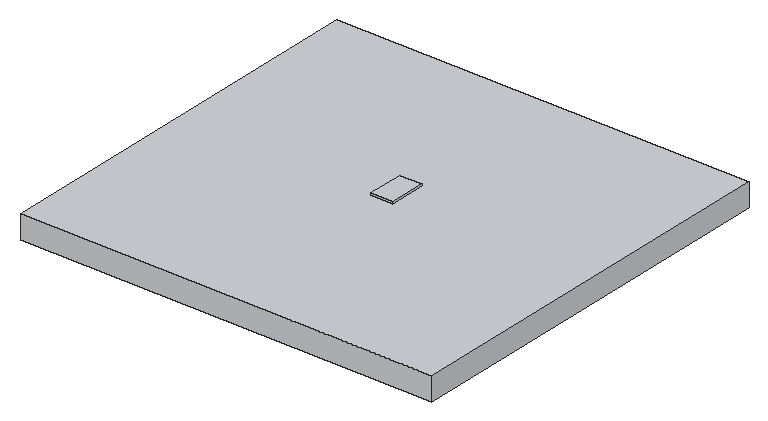
Revit family "5d3b1db118044135bba94e76112b9c7c", category Electrical Fixtures, host Face, Revit 2021
Family settings
  Host = Face
  Maintain Annotation Orientation = Yes
  Round Connector Dimension = Use Diameter
  Part Type = Normal
  OmniClass Number = 23.80.50.11.17
  OmniClass Title = Ground Fault Receptacles
  Seek Item ID = Countertop Receptacle-0000-USA-ENU
  Cut with Voids When Loaded = No
  Shared = No
  Room Calculation Point = No
Parameters (values of type "Standard")
  Switch Voltage = 120 V
  Load Classification = Receptacle
  Load = 180 VA
  Label = "CTR"
  Default Elevation = 1' - 6"
  Assembly Code = ""
Reference planes (in)
  plane 1 "Center (Front/Back)": y = 0
  plane 2: z = 0
  plane 3 "Center (Left/Right)": x = 0
  plane 4: x = -1.375
  plane 5: x = 1.375
  plane 6: x = -0.75
  plane 7: x = 0.75
  plane 8: y = 2.25
  plane 9: y = -2.25
  plane 10: y = 1.5
  plane 11: y = -1.5
  plane 12 "level above": z = 0.1875
  plane 13 "level below": z = -2.125
Forms (in)
  Extrusion 1, solid
    sketch origin (0, 0, 0) x (1, 0, 0) y (0, 1, 0)
      loop
        line (-25.375, 22.5) -> (-25.375, -26.25) -> (25.375, -26.25) -> (25.375, 22.5) -> (-25.375, 22.5)
    from 0 to -2.86111
  Extrusion 2, solid
    sketch origin (0, 0, 0) x (1, 0, 0) y (0, 1, 0)
      loop
        line (-1.375, 2.25) -> (-1.375, -2.25) -> (1.375, -2.25) -> (1.375, 2.25) -> (-1.375, 2.25)
    from 0 to 0.1875
  Extrusion 3, solid
    sketch origin (0, 0, 0) x (1, 0, 0) y (0, 1, 0)
      loop
        line (-0.75, 1.5) -> (-0.75, -1.5) -> (0.75, -1.5) -> (0.75, 1.5) -> (-0.75, 1.5)
    from 0 to -2.125
Lines and regions (in)
  symbolic lines, detail levels fine
    curve 1: line (1.375, 0, 0) -> (-1.375, 0, 0)
    curve 2: line (1.375, 0, 0.1875) -> (1.375, 0, 0)
    curve 3: line (-1.375, 0, 0.1875) -> (1.375, 0, 0.1875)
    curve 4: line (-1.375, 0, 0) -> (-1.375, 0, 0.1875)
    curve 5: line (0.75, 0, -2.125) -> (-0.75, 0, -2.125)
    curve 6: line (0.75, 0, 0) -> (0.75, 0, -2.125)
    curve 7: line (-0.75, 0, -2.125) -> (-0.75, 0, 0)
Dimensions and locks (in)
  equal spacing: plane 6, plane 3 "Center (Left/Right)", plane 7, locked at 0.75 each
  locked: plane 6 to plane 7 at 1.5
  equal spacing: plane 4, plane 3 "Center (Left/Right)", plane 5, locked at 1.375 each
  locked: plane 4 to plane 5 at 2.75
  locked: plane 8 to plane 9 at 4.5
  locked: plane 12 "level above" to level at 0.1875
  locked: level to plane 13 "level below" at 2.125
  locked: plane 10 to plane 11 at 3
  equal spacing: plane 10, plane 1 "Center (Front/Back)", plane 11, locked at 1.5 each
  equal spacing: plane 8, plane 1 "Center (Front/Back)", plane 9, locked at 2.25 each
  aligned and locked: plane 2 to Extrusion 1
  aligned and locked: level to Extrusion 1
  aligned and locked: plane 8 to Extrusion 2
  aligned and locked: Extrusion 2 to plane 9
  aligned and locked: plane 5 to Extrusion 2
  aligned and locked: Extrusion 2 to plane 4
  aligned and locked: Extrusion 2 to level
  aligned and locked: plane 12 "level above" to Extrusion 2
  aligned and locked: plane 10 to Extrusion 3
  aligned and locked: Extrusion 3 to plane 6
  aligned and locked: plane 7 to Extrusion 3
  aligned and locked: Extrusion 3 to plane 11
  aligned and locked: Extrusion 3 to level
  aligned and locked: Extrusion 3 to plane 13 "level below"
  aligned and locked: curve 4 to plane 4
  aligned and locked: plane 5 to curve 2
  aligned and locked: curve 3 to plane 12 "level above"
  aligned and locked: plane 2 to curve 1
  aligned and locked: curve 7 to plane 6
  aligned and locked: plane 7 to curve 6
  aligned and locked: plane 13 "level below" to curve 5
  aligned and locked: plane 1 "Center (Front/Back)" to nested 1
  aligned and locked: plane 3 "Center (Left/Right)" to nested 1
Automatic sketch dimensions
  Extrusion 2 sketch curve to plane 4 = 0' - 0"
  Extrusion 2 sketch curve to plane 5 = 0' - 0"
  Extrusion 2 sketch curve to plane 9 = 0' - 0"
  Extrusion 2 sketch curve to plane 8 = 0' - 0"
  Extrusion 3 sketch curve to plane 6 = 0' - 0"
  Extrusion 3 sketch curve to plane 7 = 0' - 0"
  Extrusion 3 sketch curve to plane 11 = 0' - 0"
  Extrusion 3 sketch curve to plane 10 = 0' - 0"
  Extrusion 1 sketch curve to Extrusion 1 sketch curve = 4' - 2 3/4"
  Extrusion 1 sketch curve to Extrusion 1 sketch curve = 4' - 0 3/4"
Nested families (in)
  nested 1: "Receptacle Annotation 1" at (0, 0, 0), type "Receptacle Annotation 1", detail levels coarse+medium
Connectors (in)
  electrical at (0, 1.5, -1.0625), driven by "Switch Voltage", driven by "Load", driven by "Load Classification"
    settings: on Extrusion 3, index 1, voltage 120 V, apparent load 0 VA, apparent load phase1 180 VA, apparent load phase2 0 VA, apparent load phase3 0 VA, power factor 1, load classification "Receptacle", number of poles 1, system type 31, power factor state 1, is connector primary yes, connector utility no, sub classification motor no, connector description ""
Definition of nested family "Receptacle Annotation 1"
  Parameters
    Label Annotation = ""
  Reference planes (in)
    plane 1: y = 0
    plane 2: x = 0
  Lines and regions (in)
    reference lines
      curve 1: line (-0.56423, 0.125, 0) -> (0.61164, 0.125, 0)
    detail lines
      curve 2: circle (0, 0.125, 0) r 0.0625 normal (0, 0, 1)
      curve 3: line (-0.01562, 0.18552, 0) -> (-0.01562, 0, 0)
      curve 4: line (0.01563, 0.18552, 0) -> (0.01563, 0, 0)
  Text (in)
    label "CTR" at (0.02512, 0.22432, 0), shows "Label Annotation"
  Dimensions and locks (in)
    locked: plane 1 to curve 1 at 0.125
    locked: curve 3 to plane 2 at 0.01562
    locked: plane 2 to curve 4 at 0.01563
    radius of curve 2 = 0' - 0 1/16"
    aligned and locked: curve 1 to curve 2
    aligned and locked: plane 2 to curve 2
    aligned and locked: plane 1 to curve 4
